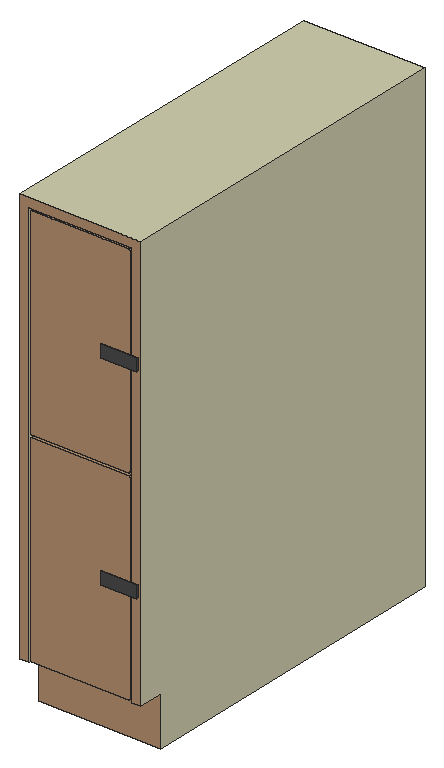
Revit family "Cabinet_Wenger_UltraStor_59", category Furniture, Revit 2015
Parameters (values of type "UltraStor Cabinet #59 - Comp Wood Doors")
  URL = "https://www.wengercorp.com/"
  Type Comments = ""
  Specification = "http://www.arcat.com/sdspecs/htm04/12_35_83wen.htm"
  Shelf Thickness = 0' - 1 1/8"
  Sales Information = "https://www.wengercorp.com/contact-us.php"
  Revision = "R1_2018-04"
  Rear Panel Thickness = 0' - 0 3/4"
  Product Data = "http://www.arcat.com/arcatcos/cos36/arc36487.html"
  Manufacturer Website = "https://www.wengercorp.com/"
  Manufacturer Phone - Toll Free = "800-4WENGER"
  Manufacturer Phone = "(507) 455-4100"
  Manufacturer Fax = "(507) 455-4258"
  Manufacturer Address = "555 Park Dr., Owatonna, MN 55060"
  Keynote = "12 35 83"
  HasDoors = yes
  Green Building-LEED = "http://www.arcat.com/green/clients/leed_data_36487.html"
  Drawn By = "Sumex Design, Inc. / Robert S. Weygant, CSI, CDT, SCIP"
  Door Width = (Cabinet Width - 0' 1 1/2")  # 0' - 8 1/2"
  Door Style = Door_Base : Solid Door
  Door Material [instance] = Wenger Cherry (Use Cherry Edge Band Only)
  Door Height = (Cabinet Height - 0' 4 3/4") / 2  # 1' - 4 25/32"
  Toe Kick Material [instance] = Wenger Cherry (Use Cherry Edge Band Only)
  RH End Panel [instance] = no
  Model = "#59"
  Manufacturer = "Wenger Corporation"
  LH End Panel [instance] = no
  End Panel Material [instance] = Wenger Cherry (Use Cherry Edge Band Only)
  Edge Banding Material [instance] = Wenger Cherry (Use Cherry Edge Band Only)
  Cost = 0
  Copyright = "© 2018 Arcat Inc."
  Construction Details = "http://www.arcat.com/details/wengerco/wengerco.html?coid=36487"
  Body Material [instance] = Wenger - Oyster
  Description = "Wenger UltraStor Cabinet #59 - Comp Wood Doors"
  Cabinet Width = 0' - 10"
  Cabinet Height = 3' - 2 5/16"
  Installed Depth = 2' - 5 1/4"
  Cabinet Panel Thickness = 0' - 0 3/4"
  Assembly Code = "E2010200"
Types (14): name | Rear Panel Thickness | HasDoors | Door Width | Door Style | Door Material | Model | Description | Cabinet Width | Installed Depth
  Acoustic Cabinet #59 - No Doors | 0' - 3 1/4" | no | 0' - 8 1/2" | Door_Base : Solid Door | none | "#59A" | "Wenger Acoustic Cabinet #59 - No Doors" | 0' - 10" | 2' - 7 3/4"
  Narrow Acoustic Cabinet #59 - No Doors | 0' - 3 1/4" | no | 0' - 6 1/2" | Door_Base : Solid Door | none | "#59NA" | "Wenger Narrow Acoustic Cabinet #59 - No Doors" | 0' - 8" | 2' - 7 3/4"
  Acoustic Cabinet #59 - Comp Grille Doors | 0' - 3 1/4" | yes | 0' - 8 1/2" | Door_Base : Bars | Painted Black | "#59A" | "Wenger Acoustic Cabinet #59 - Comp Grille Doors" | 0' - 10" | 2' - 7 3/4"
  Narrow Acoustic Cabinet #59 - Comp Waterfall Grille Doors | 0' - 3 1/4" | yes | 0' - 6 1/2" | Door_Base : Waterfall | Painted Black | "#59NA" | "Wenger Narrow Acoustic Cabinet #59 - Comp Waterfall Grille Doors" | 0' - 8" | 2' - 7 3/4"
  Narrow Acoustic Cabinet #59 - Comp Grille Doors | 0' - 3 1/4" | yes | 0' - 6 1/2" | Door_Base : Bars | Painted Black | "#59NA" | "Wenger Narrow Acoustic Cabinet #59 - Comp Grille Doors" | 0' - 8" | 2' - 7 3/4"
  Acoustic Cabinet #59 - Comp Waterfall Grille Doors | 0' - 3 1/4" | yes | 0' - 8 1/2" | Door_Base : Waterfall | Painted Black | "#59A" | "Wenger Acoustic Cabinet #59 - Comp Waterfall Grille Doors" | 0' - 10" | 2' - 7 3/4"
  Narrow UltraStor Cabinet #59 - Comp Grille Doors | 0' - 0 3/4" | yes | 0' - 6 1/2" | Door_Base : Bars | Painted Black | "#59N" | "Wenger Narrow Cabinet #59 - Comp Grille Doors" | 0' - 8" | 2' - 5 1/4"
  Narrow UltraStor Cabinet #59 - Comp Wood Doors | 0' - 0 3/4" | yes | 0' - 6 1/2" | Door_Base : Solid Door | Wenger Cherry (Use Cherry Edge Band Only) | "#59N" | "Wenger Narrow Cabinet #59 - Comp Wood Doors" | 0' - 8" | 2' - 5 1/4"
  Narrow UltraStor Cabinet #59 - No Doors | 0' - 0 3/4" | no | 0' - 6 1/2" | Door_Base : Solid Door | none | "#59N" | "Wenger Narrow Cabinet #59 - No Doors" | 0' - 8" | 2' - 5 1/4"
  Narrow UltraStor Cabinet #59 - Comp Waterfall Grille Doors | 0' - 0 3/4" | yes | 0' - 6 1/2" | Door_Base : Waterfall | Painted Black | "#59N" | "Wenger Narrow Cabinet #59 - Comp Waterfall Grille Doors" | 0' - 8" | 2' - 5 1/4"
  UltraStor Cabinet #59 - No Doors | 0' - 0 3/4" | no | 0' - 8 1/2" | Door_Base : Solid Door | none | "#59" | "Wenger UltraStor Cabinet #59 - No Doors" | 0' - 10" | 2' - 5 1/4"
  UltraStor Cabinet #59 - Comp Waterfall Grille Doors | 0' - 0 3/4" | yes | 0' - 8 1/2" | Door_Base : Waterfall | Painted Black | "#59" | "Wenger UltraStor Cabinet #59 - Comp Waterfall Grille Doors" | 0' - 10" | 2' - 5 1/4"
  UltraStor Cabinet #59 - Comp Grille Doors | 0' - 0 3/4" | yes | 0' - 8 1/2" | Door_Base : Bars | Painted Black | "#59" | "Wenger UltraStor Cabinet #59 - Comp Grille Doors" | 0' - 10" | 2' - 5 1/4"
  UltraStor Cabinet #59 - Comp Wood Doors | 0' - 0 3/4" | yes | 0' - 8 1/2" | Door_Base : Solid Door | Wenger Cherry (Use Cherry Edge Band Only) | "#59" | "Wenger UltraStor Cabinet #59 - Comp Wood Doors" | 0' - 10" | 2' - 5 1/4"
Reference planes (in)
  plane 1 "Front": y = 0
  plane 2: z = 0
  plane 3 "Left": x = 0
  plane 4 "Right": x = 10
  plane 5 "Back": y = 29.25
  plane 6 "Top": z = 38.3125
  plane 7: z = 4
  plane 8: z = 20.78125
  plane 9: x = 0.75
  plane 10: x = 9.25
  plane 11: z = 37.5625
  plane 12: x = 9.25
  plane 13: x = 0.75
  plane 14: y = 28.5
  plane 15: y = 2
  plane 16: y = 0.75
  plane 17: z = 21.90625
  plane 18: z = 5.125
Forms (in)
  Extrusion 1, solid, material "Wenger - Oyster" <- "Body Material"
    sketch origin (0, 0, 0) x (0, 1, 0) y (0, 0, 1)
      loop
        line (0, 38.3125) -> (0, 4) -> (2, 4) -> (2, 0) -> (29.25, 0) -> (29.25, 38.3125) -> (0, 38.3125)
    from 0 to 10
  Extrusion 2, void
    sketch origin (0, 0, 0) x (0, 1, 0) y (0, 0, 1)
      loop
        line (-2, 37.5625) -> (-2, 4) -> (0.75, 4)
        arc (0.75, 4) -> (1.15915, 4.80234) -> (2, 5.125) r 1.25694
        line (2, 5.125) -> (28.5, 5.125) -> (28.5, 20.78125) -> (0.75, 20.78125)
        arc (0.75, 20.78125) -> (1.15915, 21.58359) -> (2, 21.90625) r 1.25694
        line (2, 21.90625) -> (28.5, 21.90625) -> (28.5, 37.5625) -> (-2, 37.5625)
    from 0.75 to 9.25
  Extrusion 3, void
    sketch origin (0, 0, 0) x (0, 1, 0) y (0, 0, 1)
      loop
        line (0, 37.5625) -> (0, 4) -> (0.0625, 4) -> (0.0625, 37.5625) -> (0, 37.5625)
    from 0.75 to 9.25
Cuts and joins
  Extrusion 2, Extrusion 3 cuts Extrusion 1
Lines and regions (in)
  Masking region 1
    outline origin (0, 0, 0) x (1, 0, 0) y (0, 1, 0)
      loop
        line (0, 29.25) -> (0, 0) -> (10, 0) -> (10, 29.25) -> (0, 29.25)
Dimensions and locks (in)
  "Cabinet Panel Thickness": plane 3 "Left" to plane 9
  "Cabinet Panel Thickness": plane 10 to plane 4 "Right"
  "Cabinet Panel Thickness": plane 5 "Back" to plane 14
  locked: plane 1 "Front" to plane 16 at 0.75
  locked: plane 1 "Front" to plane 15 at 2
  "Shelf Thickness": plane 17 to plane 8
  "Cabinet Panel Thickness": plane 6 "Top" to plane 11
  equal spacing: plane 11, plane 8, plane 7
  "Shelf Thickness": plane 18 to plane 7
  "Cabinet Width": plane 3 "Left" to plane 4 "Right"
  locked: plane 7 to level at 4
  "Cabinet Height": plane 6 "Top" to level
  "Installed Depth": plane 1 "Front" to plane 5 "Back"
  "Door Width": plane 12 to plane 9
  "Door Width": plane 10 to plane 13
  plane 3 "Left" to plane 4 "Right" = 0' - 10"
  equal spacing: plane 5 "Back", nested 2, plane 1 "Front"
  equal spacing: plane 13, nested 2, plane 12
  aligned and locked: Extrusion 1 sketch curve to plane 6 "Top"
  aligned and locked: Extrusion 1 sketch curve to plane 5 "Back"
  aligned and locked: Extrusion 1 sketch curve to plane 1 "Front"
  aligned and locked: Extrusion 1 sketch curve to plane 7
  aligned and locked: Extrusion 1 sketch curve to plane 15
  aligned and locked: Extrusion 1 sketch curve to level
  aligned and locked: Extrusion 1 to plane 4 "Right"
  aligned and locked: Extrusion 1 to plane 3 "Left"
  aligned and locked: Extrusion 2 sketch curve to plane 11
  aligned and locked: Extrusion 2 sketch curve to plane 14
  aligned and locked: Extrusion 2 sketch curve to plane 8
  aligned and locked: Extrusion 2 sketch curve to plane 18
  aligned and locked: Extrusion 2 sketch curve to plane 17
  aligned and locked: Extrusion 2 to plane 9
  aligned and locked: Extrusion 3 sketch curve to cut or joined group of Extrusion 1, Extrusion 2, Extrusion 3  (x3)
  aligned and locked: Extrusion 3 to plane 10
  aligned and locked: Extrusion 3 to plane 9
  aligned and locked: nested 3 to plane 9
  aligned and locked: plane 12 to nested 3
  aligned and locked: nested 3 to plane 8
  aligned and locked: plane 8 to cut or joined group of Extrusion 1, Extrusion 2, Extrusion 3
  aligned and locked: plane 12 to nested 4
  aligned and locked: nested 4 to plane 9
  aligned and locked: plane 7 to cut or joined group of Extrusion 1, Extrusion 2, Extrusion 3
  aligned and locked: nested 4 to plane 7
  aligned and locked: plane 16 to Extrusion 2 sketch curve  (x2)
  aligned and locked: plane 1 "Front" to nested 5
  aligned and locked: nested 5 to level
  aligned and locked: nested 5 to plane 4 "Right"
  aligned and locked: Masking region 1 sketch curve to plane 5 "Back"
  aligned and locked: Masking region 1 sketch curve to plane 1 "Front"
  aligned and locked: plane 3 "Left" to Masking region 1 sketch curve
  aligned and locked: plane 4 "Right" to Masking region 1 sketch curve
  aligned and locked: cut or joined group of Extrusion 1, Extrusion 2, Extrusion 3 to plane 10
Automatic sketch dimensions
  plane 16 to Extrusion 3 sketch curve = 0' - 0 11/16"
  Extrusion 2 sketch curve to plane 7 = 0' - 0"
  Extrusion 2 sketch curve to plane 15 = 0' - 0"  (x2)
  Extrusion 2 sketch curve to plane 14 = 0' - 0"
  plane 1 "Front" to Extrusion 2 sketch curve = 0' - 2"
Nested families (in)
  nested 1: "End Panel" at (0, 14.25, 0) x (0, -1, 0) z (0, 0, 1), End Panel Material <- "End Panel Material", visible <- "LH End Panel", Edge Banding Material <- "Edge Banding Material", type "End Panel"
    with End Panel Material Wenger Cherry (Use Cherry Edge Band Only), Edge Banding Material Wenger Cherry (Use Cherry Edge Band Only), End Panel Height 3' - 2 5/16", End Panel Depth 2' - 5 1/4"
  nested 2: "Labels" at (5, 14.625, 0), type "Labels"
  nested 3: "Door_Base" at (5, 0, 20.78125) x (1, 0, 0) z (0, -1, 0), type <- "Door Style", Height <- "Door Height", Width <- "Door Width", visible <- "HasDoors", type "Solid Door", detail levels medium+fine
    with vBars 6, Width 0' - 8 1/2", ToeKick Height 0' - 4", MidBar no, Height 1' - 4 25/32", BarHt 1' - 4 9/32", 2HzBars no
  nested 4: "Door_Base" at (5, 0, 4) x (1, 0, 0) z (0, -1, 0), type <- "Door Style", Height <- "Door Height", Width <- "Door Width", visible <- "HasDoors", type "Solid Door", detail levels medium+fine
    with vBars 6, Width 0' - 8 1/2", ToeKick Height 0' - 4", MidBar no, Height 1' - 4 25/32", BarHt 1' - 4 9/32", 2HzBars no
  nested 5: "End Panel" at (10.75, 14.25, 0) x (0, -1, 0) z (0, 0, 1), End Panel Material <- "End Panel Material", Edge Banding Material <- "Edge Banding Material", visible <- "RH End Panel", type "End Panel"
    with End Panel Material Wenger Cherry (Use Cherry Edge Band Only), Edge Banding Material Wenger Cherry (Use Cherry Edge Band Only), End Panel Height 3' - 2 5/16", End Panel Depth 2' - 5 1/4"
Definition of nested family "End Panel"
  Parameters (values of type "End Panel")
    End Panel Material [instance] = none
    End Panel Height = 7' - 1 5/8"
    End Panel Depth = 1' - 9 3/4"
    Edge Banding Material [instance] = none
    Default Elevation = 4' - 0"
    Assembly Code = ""
  Reference planes (in)
    plane 1 "Center (Front/Back)": y = 0
    plane 2: z = 0
    plane 3 "Center (Left/Right)": x = 0
    plane 4: x = -15
    plane 5: x = 6.75
    plane 6: z = 4
    plane 7: x = 4.75
    plane 8: z = 85.625
    plane 9: y = -0.75
  Forms (in)
    Extrusion 1, solid, material <- "End Panel Material"
      sketch origin (0, 0, 0) x (1, 0, 0) y (0, 0, 1)
        loop
          line (-15, 85.625) -> (-15, 0) -> (4.75, 0) -> (4.75, 4) -> (6.75, 4) -> (6.75, 85.625) -> (-15, 85.625)
      from 0 to 0.75
  Lines and regions (in)
    Masking region 1, detail levels coarse+medium
      outline origin (0, 0, 0) x (1, 0, 0) y (0, 1, 0)
        loop
          line (-15, 0) -> (-15, -0.75) -> (6.75, -0.75) -> (6.75, 0) -> (-15, 0)
  Dimensions and locks (in)
    locked: plane 7 to plane 5 at 2
    locked: plane 6 to level at 4
    "End Panel Height": plane 8 to level
    "End Panel Depth": plane 5 to plane 4
    locked: plane 9 to plane 1 "Center (Front/Back)" at 0.75
    aligned and locked: plane 4 to Extrusion 1 sketch curve
    aligned and locked: level to Extrusion 1 sketch curve
    aligned and locked: plane 7 to Extrusion 1 sketch curve
    aligned and locked: plane 6 to Extrusion 1 sketch curve
    aligned and locked: Extrusion 1 sketch curve to plane 5
    aligned and locked: Extrusion 1 sketch curve to plane 8
    aligned and locked: Extrusion 1 to plane 9
    aligned and locked: Extrusion 1 to plane 1 "Center (Front/Back)"
    aligned and locked: plane 4 to Masking region 1 sketch curve
    aligned and locked: Masking region 1 sketch curve to plane 5
    aligned and locked: plane 1 "Center (Front/Back)" to Masking region 1 sketch curve
    aligned and locked: plane 9 to Masking region 1 sketch curve
Definition of nested family "Door_Base"
  Parameters (values of type "None")
    vBars [instance] = (Width - 0' 2") / 0' 1"  # 6
    Width [instance] = 0' - 8"
    ToeKick Height [instance] = 0' - 4"
    Thickness = 0' - 0 3/4"
    Solid Door = no
    Shelf Thickness = 0' - 0 3/4"
    Panel Thickness = 0' - 0 3/4"
    MidBar [instance] = and(Height < 1' 6", HasDoor, not(Solid Door))  # no
    Height [instance] = 1' - 2 5/8"
    HasDoor = no
    Edge Banding = none
    DoorGap = 0' - 0 1/8"
    Door Finish = none
    Depth = 2' - 0"
    Default Elevation = 4' - 0"
    Bars = no
    BarStyle = Bars : Waterfall
    BarHt [instance] = Height - 0' 0 1/2"  # 1' - 2 1/8"
    2HzBars [instance] = and(Height > 1' 6", not(Solid Door))  # no
  Types (4): name | Thickness | Solid Door | MidBar | HasDoor | Bars | BarStyle
    Solid Door | 0' - 0 3/4" | yes | no | yes | no | Bars : Waterfall
    Bars | 0' - 0 1/4" | no | yes | yes | yes | Bars : Straight
    Waterfall | 0' - 0 3/4" | no | yes | yes | yes | Bars : Waterfall
    None | 0' - 0 3/4" | no | no | no | no | Bars : Waterfall
  Reference planes (in)
    plane 1 "Center (Front/Back)": y = 0
    plane 2: z = 0
    plane 3 "Center (Left/Right)": x = 0
    plane 4: x = -4
    plane 5: y = 14.625
    plane 6: x = 4
    plane 7: z = -0.75
    plane 8: x = -3.875
    plane 9: x = 3.875
    plane 10: y = 0.125
    plane 11: y = 14.5
    plane 12: y = -0.75
    plane 13 "CL Elev": y = 7.3125
    plane 14: x = -3.75
    plane 15: x = 3.75
    plane 16 "BtmRail": y = 0.25
    plane 17: y = 14.375
    plane 18: z = -0.125
    plane 19: x = -2.75
    plane 20: x = 2.75
    plane 21: y = 9.66667
    plane 22: y = 4.95833
  Forms (in)
    Extrusion 1, solid, material <- "Door Finish", visible <- "Solid Door", detail levels medium+fine
      sketch origin (0, 0, 0) x (1, 0, 0) y (0, 1, 0)
        loop
          arc (-3.75, 14.5) -> (-3.83839, 14.46339) -> (-3.875, 14.375) r 0.125
          line (-3.875, 14.375) -> (-3.875, 0.25)
          arc (-3.875, 0.25) -> (-3.83839, 0.16161) -> (-3.75, 0.125) r 0.125
          line (-3.75, 0.125) -> (3.75, 0.125)
          arc (3.75, 0.125) -> (3.83839, 0.16161) -> (3.875, 0.25) r 0.125
          line (3.875, 0.25) -> (3.875, 14.375)
          arc (3.875, 14.375) -> (3.83839, 14.46339) -> (3.75, 14.5) r 0.125
          line (3.75, 14.5) -> (-3.75, 14.5)
      from 0 to -0.75
    Sweep 2, solid, material <- "Door Finish", visible <- "Bars", detail levels medium+fine
      path origin (0, 0, 0) x (1, 0, 0) y (0, 1, 0)
        loop
          arc (-3.125, 14.5) -> (-3.65533, 14.28033) -> (-3.875, 13.75) r 0.75
          line (-3.875, 13.75) -> (-3.875, 0.875)
          arc (-3.875, 0.875) -> (-3.65533, 0.34467) -> (-3.125, 0.125) r 0.75
          line (-3.125, 0.125) -> (3.125, 0.125)
          arc (3.125, 0.125) -> (3.65533, 0.34467) -> (3.875, 0.875) r 0.75
          line (3.875, 0.875) -> (3.875, 13.75)
          arc (3.875, 13.75) -> (3.65533, 14.28033) -> (3.125, 14.5) r 0.75
          line (3.125, 14.5) -> (-3.125, 14.5)
      profile origin (0, 14.5, 0) x (0, 1, 0) y (0, 0, 1)
        loop
          circle (-0.125, -0.125) r 0.125
    Extrusion 3, solid, material <- "Door Finish", visible <- "MidBar", detail levels medium+fine
      sketch origin (0, 0, 0) x (0, 1, 0) y (0, 0, 1)
        loop
          circle (7.3125, -0.125) r 0.125
      from -3.75 to 3.75
    Extrusion 4, solid, visible <- "HasDoor", detail levels fine
      sketch origin (0, 0, 0) x (1, 0, 0) y (0, 1, 0)
        loop
          line (1.5, 7.8125) -> (1.5, 6.8125) -> (4.5, 6.8125) -> (4.5, 7.8125) -> (1.5, 7.8125)
      from 0 to 0.125
    Extrusion 5, solid, material <- "Door Finish", visible <- "2HzBars", detail levels medium+fine
      sketch origin (0, 0, 0) x (0, 1, 0) y (0, 0, 1)
        loop
          circle (9.66667, -0.125) r 0.125
        loop
          circle (4.95833, -0.125) r 0.125
      from -3.75 to 3.75
  Lines and regions (in)
    symbolic lines, visible <- "HasDoor", detail levels medium+fine
      curve 1: line (4, 0.25, 0) -> (-4, 0.25, 0)
      curve 2: line (-4, 0.25, 0) -> (-4, 0.25, 8)
      curve 3: arc (4, 0.25, 0) -> (1.65685, 0.25, 5.65685) -> (-4, 0.25, 8) r 8
    symbolic lines, visible <- "HasDoor"
      curve 4: line (3.875, 0.25, 0) -> (3.875, 0.25, -0.75)
      curve 5: line (3.875, 0.25, -0.75) -> (-3.875, 0.25, -0.75)
      curve 6: line (-3.875, 0.25, -0.75) -> (-3.875, 0.25, 0)
    symbolic lines, detail levels medium
      curve 7: line (3.875, 14.5, 0) -> (-3.875, 7.3125, 0)
      curve 8: line (-3.875, 7.3125, 0) -> (3.875, 0.125, 0)
  Dimensions and locks (in)
    "Height": plane 1 "Center (Front/Back)" to plane 5
    "Thickness": level to plane 7
    equal spacing: plane 4, plane 3 "Center (Left/Right)", plane 6
    "Width": plane 4 to plane 6
    "DoorGap": plane 5 to plane 11
    "DoorGap": plane 9 to plane 6
    "DoorGap": plane 4 to plane 8
    "DoorGap": plane 1 "Center (Front/Back)" to plane 10
    "Shelf Thickness": plane 1 "Center (Front/Back)" to plane 12
    equal spacing: plane 1 "Center (Front/Back)", plane 13 "CL Elev", plane 5
    locked: plane 15 to plane 9 at 0.125
    locked: plane 8 to plane 14 at 0.125
    locked: plane 11 to plane 17 at 0.125
    locked: plane 16 "BtmRail" to plane 10 at 0.125
    locked: level to plane 18 at 0.125
    plane 19 to plane 14 = 0' - 1"
    locked: plane 15 to plane 20 at 1
    Extrusion 4 sketch curve to plane 13 "CL Elev" to Extrusion 4 sketch curve = 0' - 0 1/2" locked, 0' - 0 1/2" locked
    locked: plane 6 to Extrusion 4 sketch curve at 0.5
    locked: Extrusion 4 sketch curve to plane 6 at 2.5
    locked: Extrusion 4 to level at 0.125
    equal spacing: group 1, group 3, group 4, group 5, group 6, group 2  (x3)
    equal spacing: plane 17, plane 21, plane 22, plane 16 "BtmRail"
    "Width": radius of curve 3
    aligned and locked: plane 2 to level
    aligned and locked: Extrusion 1 sketch curve to plane 11
    aligned and locked: plane 8 to Extrusion 1 sketch curve
    aligned and locked: Extrusion 1 sketch curve to plane 9
    aligned and locked: plane 10 to Extrusion 1 sketch curve
    aligned and locked: Extrusion 1 to plane 7
    aligned and locked: level to Extrusion 1
    aligned and locked: Sweep 2 sketch curve to plane 11
    aligned and locked: plane 8 to Sweep 2 sketch curve
    aligned and locked: plane 10 to Sweep 2 sketch curve
    aligned and locked: Sweep 2 sketch curve to plane 9
    aligned and locked: plane 15 to Extrusion 3
    aligned and locked: Extrusion 3 to plane 14
    aligned and locked: plane 20 to nested 2
    aligned and locked: plane 19 to nested 1
    aligned and locked: plane 21 to Extrusion 5 sketch curve
    aligned and locked: plane 18 to Extrusion 5 sketch curve  (x2)
    aligned and locked: plane 22 to Extrusion 5 sketch curve
    aligned and locked: Extrusion 5 to Extrusion 3  (x2)
    aligned and locked: plane 4 to curve 3  (x2)
    aligned and locked: level to curve 3
    aligned and locked: plane 7 to curve 5
    aligned and locked: Extrusion 1 to plane 8
    aligned and locked: plane 9 to Extrusion 1
    aligned and locked: plane 10 to curve 8
    aligned and locked: plane 9 to curve 8
    aligned and locked: plane 13 "CL Elev" to curve 8
    aligned and locked: plane 11 to curve 7
    aligned and locked: plane 9 to curve 7
  Automatic sketch dimensions
    plane 8 to Sweep 2 sketch curve = 0' - 0 3/4"  (x2)
    Sweep 2 sketch curve to plane 9 = 0' - 0 3/4"
    Sweep 2 sketch curve to Sweep 2 sketch curve = 0' - 0 3/4"
    Sweep 2 sketch curve to level = 0' - 0 1/8"
    profile plane to Sweep 2 sketch curve = 0' - 0 1/8"
    Extrusion 3 sketch curve to level = 0' - 0 1/8"
    Extrusion 3 sketch curve to plane 13 "CL Elev" = 0' - 0"
    curve 8 to plane 8 = 0' - 0"
    Extrusion 1 sketch curve to plane 14 = 0' - 0"  (x2)
    Extrusion 1 sketch curve to plane 15 = 0' - 0"  (x2)
    curve 5 to plane 9 = 0' - 0"
    curve 6 to plane 8 = 0' - 0"
    radius of Sweep 2 sketch curve = 0' - 0 1/8"
    radius of Extrusion 3 sketch curve = 0' - 0 1/8"
    radius of Extrusion 5 sketch curve = 0' - 0 1/8"  (x2)
  Nested families (in)
    nested 1: "Bars" at (-2.75, 0.25, -0.125) x (1, 0, 0) z (0, 1, 0), type <- "BarStyle", visible <- "Bars", type "Waterfall", detail levels fine
      with Lateral Deviation 0' - 1", Height 1' - 2 1/8"
    nested 2: "Bars" at (2.75, 0.25, -0.125) x (1, 0, 0) z (0, 1, 0), type <- "BarStyle", visible <- "Bars", type "Waterfall", detail levels fine
      with Lateral Deviation 0' - 1", Height 1' - 2 1/8"
    nested 3: "Bars" at (-1.65, 0.25, -0.125) x (1, 0, 0) z (0, 1, 0), type <- "BarStyle", visible <- "Bars", type "Waterfall", detail levels fine
      with Lateral Deviation 0' - 1", Height 1' - 2 1/8"
    nested 4: "Bars" at (-0.55, 0.25, -0.125) x (1, 0, 0) z (0, 1, 0), type <- "BarStyle", visible <- "Bars", type "Waterfall", detail levels fine
      with Lateral Deviation 0' - 1", Height 1' - 2 1/8"
    nested 5: "Bars" at (0.55, 0.25, -0.125) x (1, 0, 0) z (0, 1, 0), type <- "BarStyle", visible <- "Bars", type "Waterfall", detail levels fine
      with Lateral Deviation 0' - 1", Height 1' - 2 1/8"
    nested 6: "Bars" at (1.65, 0.25, -0.125) x (1, 0, 0) z (0, 1, 0), type <- "BarStyle", visible <- "Bars", type "Waterfall", detail levels fine
      with Lateral Deviation 0' - 1", Height 1' - 2 1/8"
  Definition of nested family "Bars"
    Parameters (values of type "Straight")
      WaterFall = no
      Straight = yes
      Lateral Deviation = 0' - 1 1/2"
      Height = 1' - 2 5/8"
      Default Elevation = 4' - 0"
      Bars = none
    Types (3): name | WaterFall | Straight
      (no name) | no | yes
      Waterfall | yes | no
      Straight | no | yes
    Reference planes (in)
      plane 1 "Center (Front/Back)": y = 0
      plane 2: z = 0
      plane 3 "Center (Left/Right)": x = 0
      plane 4: z = 14.625
      plane 5: z = 7.3125
      plane 6: x = 0.75
      plane 7: x = -0.75
      plane 8: z = 10.96875
      plane 9: z = 3.65625
    Forms (in)
      Sweep 1, solid, material <- "Bars", visible <- "WaterFall"
        path origin (0, 0, 0) x (1, 0, 0) y (0, 0, 1)
          loop
            arc (0, 0) -> (0.56057, 1.79006) -> (0.75, 3.65625) r 9.28711
            arc (0.75, 3.65625) -> (0.56057, 5.52244) -> (0, 7.3125) r 9.28711
        profile origin (0.56057, 0, 1.79006) x (-0.979603, 0, 0.200944) y (0, -1, 0)
          loop
            circle (0, 0) r 0.0625
      Sweep 2, solid, material <- "Bars", visible <- "WaterFall"
        path origin (0, 0, 14.625) x (-1, 0, 0) y (0, 0, -1)
          loop
            arc (0, 0) -> (0.56057, 1.79006) -> (0.75, 3.65625) r 9.28711
            arc (0.75, 3.65625) -> (0.56057, 5.52244) -> (0, 7.3125) r 9.28711
        profile origin (-0.56057, 0, 12.83494) x (0.979603, 0, -0.200944) y (0, -1, 0)
          loop
            circle (0, 0) r 0.0625
      Extrusion 3, solid, material <- "Bars", visible <- "Straight"
        sketch origin (0, 0, 0) x (1, 0, 0) y (0, 1, 0)
          loop
            circle (0, 0) r 0.0625
        from 0 to 14.625
    Dimensions and locks (in)
      "Height": plane 4 to level
      equal spacing: plane 6, plane 3 "Center (Left/Right)", plane 7
      "Lateral Deviation": plane 6 to plane 7
      equal spacing: plane 4, plane 8, plane 5, plane 9, level
      aligned and locked: plane 2 to level
      aligned and locked: plane 3 "Center (Left/Right)" to Sweep 1 sketch curve  (x2)
      aligned and locked: level to Sweep 1 sketch curve
      aligned and locked: plane 6 to Sweep 1 sketch curve
      aligned and locked: plane 9 to Sweep 1 sketch curve
      aligned and locked: plane 4 to Sweep 2 sketch curve
      aligned and locked: plane 3 "Center (Left/Right)" to Sweep 2 sketch curve  (x2)
      aligned and locked: plane 8 to Sweep 2 sketch curve
      aligned and locked: plane 7 to Sweep 2 sketch curve
      aligned and locked: plane 5 to Sweep 2 sketch curve
      aligned and locked: plane 4 to Extrusion 3
      aligned and locked: Extrusion 3 to level
    Automatic sketch dimensions
      plane 1 "Center (Front/Back)" to Sweep 1 sketch curve = 0' - 0"
      Sweep 1 sketch curve to profile plane = 0' - 0"
      Sweep 1 sketch curve to Sweep 1 sketch curve = 0' - 0"
      Sweep 2 sketch curve to plane 1 "Center (Front/Back)" = 0' - 0"
      Sweep 2 sketch curve to profile plane = 0' - 0"
      plane 1 "Center (Front/Back)" to Extrusion 3 sketch curve = 0' - 0"
      Extrusion 3 sketch curve to plane 3 "Center (Left/Right)" = 0' - 0"
      radius of Sweep 1 sketch curve = 0' - 0 1/16"
      radius of Sweep 2 sketch curve = 0' - 0 1/16"
      radius of Extrusion 3 sketch curve = 0' - 0 1/16"
Definition of nested family "Labels"
  Parameters
    Cabinet Label = "01"
  Reference planes (in)
    plane 1: y = 0
    plane 2: x = 0
  Text (in)
    label "xxxx" at (-0.00018, 0.00754, 0), shows "Cabinet Label"
